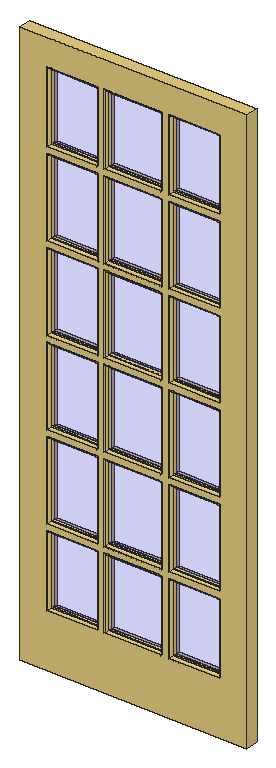
Revit family "DTI_AS-L18", category Generic Models, Revit 2016
Family settings
  Part Type = Undefined
  Can host rebar = No
  Round Connector Dimension = Use Diameter
  Work Plane-Based = No
  Always vertical = Yes
  Cut with Voids When Loaded = No
  Shared = No
  Room Calculation Point = No
Parameters (values of type "Single Door")
  Width = 813 mm
  Height = 2032 mm
  Glass Material = Glass
  Frame Material = Kiln Dried Wood
Reference planes
  plane 1 "Center (Front/Back)": y = 0
  plane 2: z = 0
  plane 3 "Center (Left/Right)": x = 0
  plane 4: x = -406.5
  plane 5: x = 406.5
  plane 6: z = 2032
  plane 7: z = 1972
  plane 8: z = 155
  plane 9: z = 1669.167
  plane 10: x = -115.5
  plane 11: x = -346.5
  plane 12: x = 346.5
  plane 13: x = 115.5
  plane 14: z = 1366.333
  plane 15: z = 1063.5
  plane 16: z = 760.667
  plane 17: z = 457.833
Forms (mm)
  Sweep 1, solid, material "Kiln Dried Wood" <- "Frame Material"
    path origin (0, 0, 0) x (1, 0, 0) y (0, 0, 1)
      loop
        line (-406.5, 0) -> (406.5, 0)
    profile "Glass B : Glass B" origin (0, 0, 0) x (0, 0, 1) y (0, -1, 0)
      loop
        line (0, -22) -> (191, -22) -> (191, -10) -> (155, -10) -> (155, 2) -> (200, 2) -> (200, 12) -> (198, 12)
        arc (198, 12) -> (195.657, 17.657) -> (190, 20) r 8
        line (190, 20) -> (190, 22) -> (0, 22) -> (0, -22)
  Sweep 2, solid, material "Kiln Dried Wood" <- "Frame Material"
    path origin (0, 0, 0) x (1, 0, 0) y (0, 0, 1)
      loop
        line (-406.5, 155) -> (-406.5, 2032) -> (406.5, 2032) -> (406.5, 155)
    profile "Glass T : Glass T" origin (0, 0, 2032) x (0, 0, 1) y (0, -1, 0)
      loop
        line (0, -22) -> (0, 22) -> (-95, 22) -> (-95, 20)
        arc (-95, 20) -> (-100.657, 17.657) -> (-103, 12) r 8
        line (-103, 12) -> (-105, 12) -> (-105, 2) -> (-60, 2) -> (-60, -10) -> (-96, -10) -> (-96, -22) -> (0, -22)
  Extrusion 3, solid, material "Glass" <- "Glass Material"
    sketch origin (0, 0, 0) x (1, 0, 0) y (0, 1, 0)
      loop
        line (-346.5, 10) -> (-346.5, -2) -> (346.5, -2) -> (346.5, 10) -> (-346.5, 10)
    from 155 to 1972
  Sweep 4, solid, material "Kiln Dried Wood" <- "Frame Material"
    path origin (0, 0, 0) x (1, 0, 0) y (0, 0, 1)
      loop
        line (-346.5, 1669.167) -> (346.5, 1669.167)
    profile "Glass S : Glass S" origin (0, 0, 1669.167) x (0, 0, 1) y (0, -1, 0)
      loop
        line (10, 22) -> (-10, 22) -> (-10, 20)
        arc (-10, 20) -> (-15.657, 17.657) -> (-18, 12) r 8
        line (-18, 12) -> (-20, 12) -> (-20, 2) -> (-5.25, 2) -> (-5.25, -10) -> (-11, -10) -> (-11, -22) -> (11, -22) -> (11, -10) -> (5.25, -10) -> (5.25, 2) -> (20, 2) -> (20, 12) -> (18, 12)
        arc (18, 12) -> (15.657, 17.657) -> (10, 20) r 8
        line (10, 20) -> (10, 22)
  Sweep 5, solid, material "Kiln Dried Wood" <- "Frame Material"
    path origin (1628.626, 0, 1492.36) x (0.087156, 0, 0.996195) y (-0.996195, 0, 0.087156)
      loop
        line (-1484.282, 1620.93) -> (325.804, 1779.292)
    profile "Glass S : Glass S" origin (-115.5, 0, 1063.5) x (-1, 0, 0) y (0, -1, 0)
      loop
        line (10, 22) -> (-10, 22) -> (-10, 20)
        arc (-10, 20) -> (-15.657, 17.657) -> (-18, 12) r 8
        line (-18, 12) -> (-20, 12) -> (-20, 2) -> (-5.25, 2) -> (-5.25, -10) -> (-11, -10) -> (-11, -22) -> (11, -22) -> (11, -10) -> (5.25, -10) -> (5.25, 2) -> (20, 2) -> (20, 12) -> (18, 12)
        arc (18, 12) -> (15.657, 17.657) -> (10, 20) r 8
        line (10, 20) -> (10, 22)
  Sweep 6, solid, material "Kiln Dried Wood" <- "Frame Material"
    path origin (1908.626, 0, 1492.36) x (0.087156, 0, 0.996195) y (-0.996195, 0, 0.087156)
      loop
        line (-1488.553, 1669.744) -> (321.533, 1828.106)
    profile "Glass S : Glass S" origin (115.5, 0, 1063.5) x (-1, 0, 0) y (0, -1, 0)
      loop
        line (10, 22) -> (-10, 22) -> (-10, 20)
        arc (-10, 20) -> (-15.657, 17.657) -> (-18, 12) r 8
        line (-18, 12) -> (-20, 12) -> (-20, 2) -> (-5.25, 2) -> (-5.25, -10) -> (-11, -10) -> (-11, -22) -> (11, -22) -> (11, -10) -> (5.25, -10) -> (5.25, 2) -> (20, 2) -> (20, 12) -> (18, 12)
        arc (18, 12) -> (15.657, 17.657) -> (10, 20) r 8
        line (10, 20) -> (10, 22)
  Sweep 7, solid, material "Kiln Dried Wood" <- "Frame Material"
    path origin (0, 0, -240) x (1, 0, 0) y (0, 0, 1)
      loop
        line (-346.5, 1606.333) -> (346.5, 1606.333)
    profile "Glass S : Glass S" origin (0, 0, 1366.333) x (0, 0, 1) y (0, -1, 0)
      loop
        line (10, 22) -> (-10, 22) -> (-10, 20)
        arc (-10, 20) -> (-15.657, 17.657) -> (-18, 12) r 8
        line (-18, 12) -> (-20, 12) -> (-20, 2) -> (-5.25, 2) -> (-5.25, -10) -> (-11, -10) -> (-11, -22) -> (11, -22) -> (11, -10) -> (5.25, -10) -> (5.25, 2) -> (20, 2) -> (20, 12) -> (18, 12)
        arc (18, 12) -> (15.657, 17.657) -> (10, 20) r 8
        line (10, 20) -> (10, 22)
  Sweep 8, solid, material "Kiln Dried Wood" <- "Frame Material"
    path origin (0, 0, -500) x (1, 0, 0) y (0, 0, 1)
      loop
        line (-346.5, 1563.5) -> (346.5, 1563.5)
    profile "Glass S : Glass S" origin (0, 0, 1063.5) x (0, 0, 1) y (0, -1, 0)
      loop
        line (10, 22) -> (-10, 22) -> (-10, 20)
        arc (-10, 20) -> (-15.657, 17.657) -> (-18, 12) r 8
        line (-18, 12) -> (-20, 12) -> (-20, 2) -> (-5.25, 2) -> (-5.25, -10) -> (-11, -10) -> (-11, -22) -> (11, -22) -> (11, -10) -> (5.25, -10) -> (5.25, 2) -> (20, 2) -> (20, 12) -> (18, 12)
        arc (18, 12) -> (15.657, 17.657) -> (10, 20) r 8
        line (10, 20) -> (10, 22)
  Sweep 9, solid, material "Kiln Dried Wood" <- "Frame Material"
    path origin (0, 0, -820) x (1, 0, 0) y (0, 0, 1)
      loop
        line (-346.5, 1580.667) -> (346.5, 1580.667)
    profile "Glass S : Glass S" origin (0, 0, 760.667) x (0, 0, 1) y (0, -1, 0)
      loop
        line (10, 22) -> (-10, 22) -> (-10, 20)
        arc (-10, 20) -> (-15.657, 17.657) -> (-18, 12) r 8
        line (-18, 12) -> (-20, 12) -> (-20, 2) -> (-5.25, 2) -> (-5.25, -10) -> (-11, -10) -> (-11, -22) -> (11, -22) -> (11, -10) -> (5.25, -10) -> (5.25, 2) -> (20, 2) -> (20, 12) -> (18, 12)
        arc (18, 12) -> (15.657, 17.657) -> (10, 20) r 8
        line (10, 20) -> (10, 22)
  Sweep 10, solid, material "Kiln Dried Wood" <- "Frame Material"
    path origin (0, 0, -1080) x (1, 0, 0) y (0, 0, 1)
      loop
        line (-346.5, 1537.833) -> (346.5, 1537.833)
    profile "Glass S : Glass S" origin (0, 0, 457.833) x (0, 0, 1) y (0, -1, 0)
      loop
        line (10, 22) -> (-10, 22) -> (-10, 20)
        arc (-10, 20) -> (-15.657, 17.657) -> (-18, 12) r 8
        line (-18, 12) -> (-20, 12) -> (-20, 2) -> (-5.25, 2) -> (-5.25, -10) -> (-11, -10) -> (-11, -22) -> (11, -22) -> (11, -10) -> (5.25, -10) -> (5.25, 2) -> (20, 2) -> (20, 12) -> (18, 12)
        arc (18, 12) -> (15.657, 17.657) -> (10, 20) r 8
        line (10, 20) -> (10, 22)
Cuts and joins
  joined: Sweep 1, Sweep 2, Sweep 4, Sweep 5, Sweep 6, Sweep 7, Sweep 8, Sweep 9, Sweep 10
Dimensions and locks
  equal spacing: plane 4, plane 3 "Center (Left/Right)", plane 5
  "Width": plane 4 to plane 5
  "Height": plane 6 to level
  locked: plane 8 to level at 155
  locked: plane 6 to plane 7 at 60
  locked: plane 4 to plane 11 at 60
  locked: plane 5 to plane 12 at 60
  equal spacing: plane 7, plane 9, plane 14, plane 15, plane 16, plane 17, plane 8
  equal spacing: plane 12, plane 13, plane 10, plane 11
  aligned and locked: plane 4 to Sweep 1 sketch curve
  aligned and locked: plane 5 to Sweep 1 sketch curve
  aligned and locked: Sweep 1 sketch curve to level
  aligned and locked: plane 8 to Sweep 2 sketch curve  (x2)
  aligned and locked: Sweep 2 sketch curve to plane 6
  aligned and locked: plane 4 to Sweep 2 sketch curve
  aligned and locked: plane 5 to Sweep 2 sketch curve
  aligned and locked: cut or joined group of Sweep 1, Sweep 2, Sweep 4, Sweep 5, Sweep 6, Sweep 7, Sweep 8, Sweep 9, Sweep 10 to Extrusion 3 sketch curve
  aligned and locked: Extrusion 3 sketch curve to cut or joined group of Sweep 1, Sweep 2, Sweep 4, Sweep 5, Sweep 6, Sweep 7, Sweep 8, Sweep 9, Sweep 10  (x3)
  aligned and locked: plane 7 to Extrusion 3
  aligned and locked: Extrusion 3 to plane 8
  aligned and locked: plane 11 to Sweep 4 sketch curve
  aligned and locked: plane 12 to Sweep 4 sketch curve
  aligned and locked: Sweep 4 sketch curve to plane 9
  aligned and locked: plane 10 to Sweep 5 sketch curve
  aligned and locked: plane 7 to Sweep 5 sketch curve
  aligned and locked: plane 8 to Sweep 5 sketch curve
  aligned and locked: plane 13 to Sweep 6 sketch curve
  aligned and locked: Sweep 7 sketch curve to plane 14
  aligned and locked: Sweep 8 sketch curve to plane 15
  aligned and locked: Sweep 9 sketch curve to plane 16
  aligned and locked: Sweep 10 sketch curve to plane 17
  aligned and locked: plane 7 to Sweep 6 sketch curve
  aligned and locked: plane 8 to Sweep 6 sketch curve
  aligned and locked: plane 11 to Sweep 7 sketch curve
  aligned and locked: plane 12 to Sweep 7 sketch curve
  aligned and locked: plane 11 to Sweep 8 sketch curve
  aligned and locked: plane 12 to Sweep 8 sketch curve
  aligned and locked: plane 11 to Sweep 9 sketch curve
  aligned and locked: plane 12 to Sweep 9 sketch curve
  aligned and locked: plane 11 to Sweep 10 sketch curve
  aligned and locked: plane 12 to Sweep 10 sketch curve
